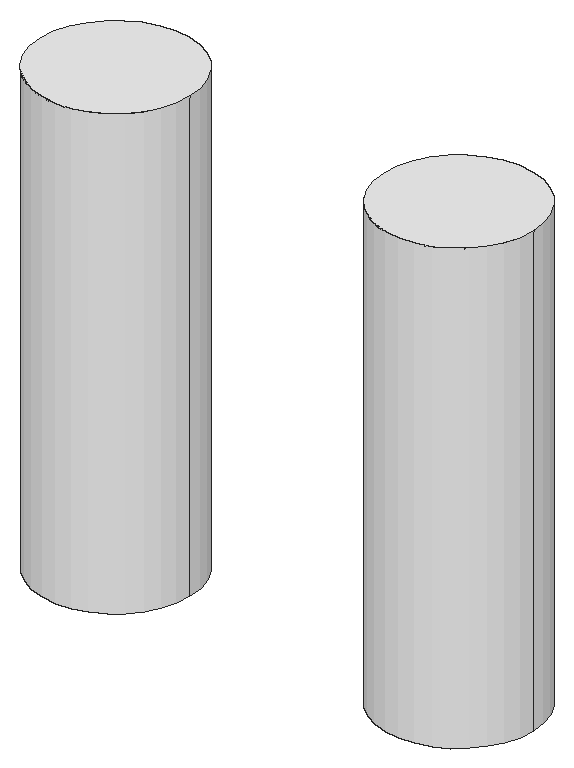
Revit family "514822930004(2022)", category Plumbing Fixtures, Revit 2020
Family settings
  Round Connector Dimension = Use Diameter
  Part Type = Normal
  OmniClass Number = 23.45.55.00
  OmniClass Title = Sanitary Faucets, Wastes
  Work Plane-Based = No
  Always vertical = Yes
  Cut with Voids When Loaded = No
  Shared = No
  Room Calculation Point = No
Parameters (values of type "514822930004 Kitchen faucet")
  Working Pressure = "50 - 1000 kPa"
  WarrantyStartDate [instance] = "n/a"
  WarrantyGuarantorParts = "n/a"
  WarrantyGuarantorLabor = "n/a"
  WarrantyDurationUnit = "Year"
  WarrantyDurationParts = "n/a"
  WarrantyDurationLabor = "n/a"
  WarrantyDescription = "http://warranty.hansa.com"
  Warranty Information URL = "http://warranty.hansa.com"
  VersionDate = "01/06/2023"
  Version = "1"
  ValvePattern = "n/a"
  ValveOperation = "n/a"
  ValveMechanism = "n/a"
  Uniclass2015Reference = "Pr_40_20_87_96"
  Uniclass2015Description = "Washbasin manual water supply sets"
  Uniclass2 = "Pr_40_30_96_96"
  URL UWL = "http://static.hansa.com/UWL/5148229300046"
  URL REACH = "http://static.hansa.com/doc/reach"
  URL Materials Declaration = "http://www.hansa.com/fileadmin/resources/185610_5148229300046_materialsdeclaration.pdf"
  URL Environmental Product Declaration EPD = "http://www.hansa.com/fileadmin/resources/184519_EPD_Kitchen faucet.pdf"
  URL EcoLabel Declaration = "http://static.hansa.com/doc/EcoLabel"
  URL EU Packaging Declaration = "http://static.hansa.com/doc/packaging"
  URL Declaration of SCIP = "http://static.hansa.com/doc/SCIP"
  URL Declaration of Conformity = "http://static.hansa.com/DoC/5148229300046"
  URL Declaration of Asbestos = "http://static.hansa.com/doc/asbestos"
  URL Declaration Of Performance (DOP) = "http://static.hansa.com/doc/DoP"
  URL = ""
  UNSPSC Class Number = "30181700 Faucets or taps"
  TestPressure = "n/a"
  Temperature Adjustments = "Limitation option for maximum temperature and flow-rate ;Adjustable hot water stop (included, retrofittable);Energy saving variation - cold water in the middle position"
  Temperature = "Temperature limiter"
  Technical DataSheet URL = "http://www.hansa.com/datasheet/514822930004/en"
  TagNumber [instance] = "n/a"
  SustainabilityPerformance = "n/a"
  Surface treatment = "Chrome"
  Spout Type = "Swivel spout"
  Spout Swivel Range = "120° (80° / 40°)"
  Spout Projection = "215 mm"
  Size = "51x255x168 mm"
  Shape = "Sculptured"
  SerialNumber [instance] = "n/a"
  Sales Package dimensions (LxWxH) = "362 x 278 x 63"
  Revision = "n/a"
  ReplacementCost = "n/a"
  ProductInformation = "Kitchen faucet with swivel spout and aerator"
  Product URL = "http://static.hansa.com/514822930004"
  Product Image URL = "http://static.hansa.com/image/514822930004"
  Product Family = "HANSAPOLO Eco"
  Product Code = "514822930004"
  OperatingMechanismMaterial = "n/a"
  NominalWidth = 51 mm
  NominalHeight = 168 mm
  NominalDepth = 255 mm
  Noise Class = "I (ISO 3822)"
  Name_en = "514822930004 Kitchen faucet"
  Name = "514822930004 Kitchen faucet"
  NBSReference = "45-35-70/371"
  NBSDescription = "Water supply fittings for wash basins and troughs"
  Mounting Holes = "1 hole"
  ModelReference = "514822930004"
  ModelNumber = "n/a"
  Model = "514822930004 Kitchen faucet"
  Mobile Product Information URL = "http://mpi.hansa.com/514822930004"
  Mechanical Parts = "ø 35 mm ceramic eco cartridge for flow and temperature control"
  Max. Hot Water Supply = 70 °C
  Material = "Brass"
  Market = "International;Germany;Austria;Belgium;Netherlands;Czech Republic;Slovakia;Italy"
  ManufacturerURL = "http://www.hansa.com"
  ManufacturerName = "HANSA"
  Manufacturer = "HANSA"
  Lever Handle = "Single operating lever/handle;Hot/Cold symbols"
  Interactive AR View URL = "https://static.hansa.com/AR/514822930004"
  InstallationDate [instance] = "n/a"
  Installation and Maintenance Guide URL = "http://static.hansa.com/manual/514822930004"
  Installation Type = "Deck mounted"
  InletConnectionSize = 10 mm
  IfcExportType = "FAUCET"  # constant formula
  IfcExportAs = "IfcValveType"  # constant formula
  Group = "Kitchen faucet"
  Grade = "n/a"
  FlowCoefficient = 0
  Flow Rate At 300kPa With Flow Controller = 0.06 L/s
  Flow Rate At 300kPa = 0.06 L/s
  Flow Drawing URL = "http://static.hansa.com/flowchart/514822930004"
  Finish = "Polished"
  Features = "Single-lever;"
  FaucetMainMaterial = Brass
  FDV Document URL = "http://www.hansa.com/datasheet/514822930004/en/fdv"
  ExpectedLife = "n/a"
  ETIM Class Number = "EC011431 Kitchen mixing tap"
  EN Standard = "EN 817"
  EAN Number = "4057304018404"
  DurationUnit = "Year"
  Dimension Drawing URL = "http://static.hansa.com/dimdrw/514822930004"
  Description = "Kitchen faucet with swivel spout and aerator"
  DefaultElevation [instance] = 900 mm
  Default Elevation = 0 mm
  Constituents = "Single lever, swivel spout, aerator, temperature limiter"
  Connection Size = "G3/8"
  Connection = "Flexible inlet pipes"
  Color = "Chrome"
  CodePerformance = "n/a"
  CloseOffRating = 0
  Catalog Drawing URL = "http://static.hansa.com/catdrw/514822930004"
  CO2 Emissions (D) = -5.57
  CO2 Emissions (C4) = 0.3
  CO2 Emissions (C3) = 0.02
  CO2 Emissions (C2) = 0.01
  CO2 Emissions (B7) = 1323.84
  CO2 Emissions (A4) = 0.2
  CO2 Emissions (A1-A3) = 9.85
  Brand = "HANSA"
  BodyMaterial = "Brass"
  Barcode [instance] = "n/a"
  Backflow Prevention EN1717 = "AA"
  BIMObjectName = "514822930004(2022)"
  Author = "BIMStone"
  AssetType = "Fixed"
  AssetIdentifier [instance] = "n/a"
  Aerator = "Standard aerator"
  Advanced Features = "Inner body made of DZR brass"
  AccessibilityPerformance = "n/a"
  3D View = "https://static.hansa.com/AR/514822930004"
  2D/3D/BIM Files URL = "http://static.hansa.com/bim/514822930004"
Reference planes
  plane 1 "Center (Front/Back)": y = 0
  plane 2: z = 0
  plane 3 "Center (Left/Right)": x = 0
  plane 4: x = -25.5
  plane 5: z = 1068
  plane 6: z = 900
  plane 7: z = 870
  plane 8: y = -255
  plane 9: x = 25.5
Forms (mm)
  Extrusion 1, solid, material "Brass" <- "FaucetMainMaterial"
    sketch origin (0, 0, 0) x (1, 0, 0) y (0, 1, 0)
      loop
        circle (-11.5, -22.5) r 5
      loop
        circle (11.5, -22.5) r 5
    from 870 to 900
Dimensions and locks
  "NominalHeight": plane 5 to plane 6
  "DefaultElevation": plane 6 to level
  locked: plane 6 to plane 7 at 30
  "NominalDepth": plane 8 to plane 1 "Center (Front/Back)"
  equal spacing: plane 4, plane 3 "Center (Left/Right)", plane 9
  "NominalWidth": plane 4 to plane 9
  "InletConnectionSize": diameter of Extrusion 1 sketch curve  (x2)
  aligned and locked: level to plane 2
  aligned and locked: plane 6 to Extrusion 1
  aligned and locked: Extrusion 1 to plane 7
  aligned and locked: plane 3 "Center (Left/Right)" to nested 2
  aligned and locked: plane 1 "Center (Front/Back)" to nested 2
  aligned and locked: plane 6 to nested 2
Automatic sketch dimensions
  Extrusion 1 sketch curve to plane 3 "Center (Left/Right)" = 11.5 mm
  plane 3 "Center (Left/Right)" to Extrusion 1 sketch curve = 11.5 mm
  plane 1 "Center (Front/Back)" to Extrusion 1 sketch curve = 22.5 mm  (x2)
Nested families
  nested 1: "Symbol" at (0, 0, 0), type "Symbol", detail levels coarse
  nested 2: "514822930004(2022)_p" at (0, 0, 900), Material <- "FaucetMainMaterial", type "514822930004(2022)_p"
    with Material Brass
Connectors
  piping at (-11.5, -22.5, 870), diameter 10, driven by "InletConnectionSize"
    settings: on Extrusion 1, index 1, connector inside diameter 609.6 mm, connector length 0 mm, flow factor 0, pipe flow 0.0 L/s, pressure drop 0.0 Pa, fitting loss kfactor 0, connector angle 0.00°, fixture units 0, engagement length 0 mm, angle of deflection 0.00°, flow configuration 1, flow direction 1, fitting loss method 0, system type 19, joint type 0, gender type 0, connector reference index -1, connector utility 0, adjustable connector no, is connector primary yes, connector description ""
  piping at (11.5, -22.5, 870), diameter 10, driven by "InletConnectionSize"
    settings: on Extrusion 1, index 2, connector inside diameter 609.6 mm, connector length 0 mm, flow factor 0, pipe flow 0.0 L/s, pressure drop 0.0 Pa, fitting loss kfactor 0, connector angle 0.00°, fixture units 0, engagement length 0 mm, angle of deflection 0.00°, flow configuration 1, flow direction 1, fitting loss method 0, system type 20, joint type 0, gender type 0, connector reference index -1, connector utility 0, adjustable connector no, is connector primary no, connector description ""
Definition of nested family "Symbol"
  Reference planes
    plane 1: y = 0
    plane 2: x = 0
  Lines and regions (mm)
    detail lines
      curve 1: line (0, 0, 0) -> (0, -1.8, 0)
      curve 2: line (-0.4, -1.1, 0) -> (0.4, -1.1, 0)
      curve 3: line (-0.4, -1.4, 0) -> (0.4, -1.4, 0)
      curve 4: line (0.863, 0, 0) -> (-0.863, 0, 0)
      curve 5: circle (-1.163, 0, 0) r 0.3 normal (0, 0, -1)
      curve 6: circle (1.163, 0, 0) r 0.3 normal (0, 0, 1)
Definition of nested family "514822930004(2022)_p"
  Parameters (values of type "514822930004(2022)_p")
    Material [instance] = none
    Default Elevation = 0 mm
  Reference planes
    plane 1 "Center (Front/Back)": y = 0
    plane 2: z = 0
    plane 3 "Center (Left/Right)": x = 0
    plane 4: x = -25.5
    plane 5: z = 168
    plane 6: z = 0
    plane 7: y = -255
    plane 8: x = 25.5
  Forms (mm)
    Extrusion 1, solid, material <- "Material", detail levels medium
      sketch origin (0, 0, -900) x (0, 1, 0) y (0, 0, 1)
        loop
          line (0, 900) -> (0, 1058.08) -> (-61.322, 1065.36) -> (-111.697, 1068)
          arc (-111.697, 1068) -> (-112.791, 1067.626) -> (-113.167, 1066.532) r 1.316
          line (-113.167, 1066.532) -> (-112.909, 1064.448)
          arc (-112.909, 1064.448) -> (-111.629, 1061.855) -> (-109.013, 1060.622) r 4.388
          line (-109.013, 1060.622) -> (-51, 1054.525) -> (-51, 993.034)
          arc (-51, 993.034) -> (-52.761, 993.574) -> (-54.465, 994.275) r 19.937
          line (-54.465, 994.275) -> (-135.431, 1032.03)
          arc (-135.431, 1032.03) -> (-162.315, 1042.283) -> (-190.393, 1048.572) r 200
          line (-190.393, 1048.572) -> (-248.818, 1057.304)
          arc (-248.818, 1057.304) -> (-251.086, 1056.882) -> (-252.314, 1054.93) r 2.875
          line (-252.314, 1054.93) -> (-255, 1037.009) -> (-252.234, 1036.594) -> (-252.899, 1032.154) -> (-229.163, 1028.596) -> (-228.347, 1034.037) -> (-193.277, 1028.781)
          arc (-193.277, 1028.781) -> (-168.045, 1023.121) -> (-143.883, 1013.904) r 180
          line (-143.883, 1013.904) -> (-51, 970.592) -> (-51, 900) -> (0, 900)
      from 25.5 to -25.5
    Extrusion 2, solid, detail levels coarse
      sketch origin (0, 0, -900) x (1, 0, 0) y (0, 1, 0)
        loop
          line (-25.5, 0) -> (-25.5, -255) -> (25.5, -255) -> (25.5, 0) -> (-25.5, 0)
      from 900 to 1068
  Lines and regions (mm)
    symbolic lines, detail levels medium+fine
      curve 1: line (0, 0, 0) -> (0, -51, 0)
      curve 2: line (0, -51, 0) -> (0, -51, 47.5)
      curve 3: line (0, -50.702, 70.453) -> (0, -143.883, 113.904)
      curve 4: arc (0, -143.883, 113.904) -> (0, -168.045, 123.121) -> (0, -193.277, 128.781) r 180
      curve 5: line (0, -193.277, 128.781) -> (0, -225.171, 133.561)
      curve 6: line (0, -229.163, 128.596) -> (0, -228.497, 133.037)
      curve 7: line (0, -252.234, 136.594) -> (0, -252.899, 132.154)
      curve 8: line (0, -252.899, 132.154) -> (0, -229.163, 128.596)
      curve 10: line (0, -225.321, 132.561) -> (0, -225.171, 133.561)
      curve 11: line (0, -252.234, 136.594) -> (0, -255, 137.009)
      curve 12: line (0, -255, 137.009) -> (0, -252.314, 154.93)
      curve 13: arc (0, -252.314, 154.93) -> (0, -251.086, 156.882) -> (0, -248.818, 157.304) r 2.875
      curve 14: line (0, -248.818, 157.304) -> (0, -190.393, 148.572)
      curve 15: arc (0, -190.393, 148.572) -> (0, -162.315, 142.283) -> (0, -135.431, 132.03) r 200
      curve 16: line (0, -135.431, 132.03) -> (0, -54.465, 94.275)
      curve 17: arc (0, -54.465, 94.275) -> (0, -52.475, 93.474) -> (0, -50.41, 92.892) r 19.937
      curve 18: line (0, -50.007, 123.96) -> (0, -50.41, 92.892)
      curve 19: line (0, -50.702, 70.453) -> (0, -51, 47.5)
      curve 20: line (0, 0, 0) -> (0, 0, 47.5)
      curve 21: line (0, -0.993, 123.96) -> (0, 0, 47.5)
      curve 23: line (0, -228.497, 133.037) -> (0, -225.321, 132.561)
      curve 24: line (0, -0.993, 123.96) -> (0, -2.721, 123.96)
      curve 25: line (0, -49.846, 126.8) -> (0, -48.006, 126.8)
      curve 27: line (0, -48.304, 123.96) -> (0, -48.006, 126.8)
      curve 28: arc (0, -6.504, 135.604) -> (0, -3.769, 130.056) -> (0, -2.721, 123.96) r 21.584
      curve 29: line (0, -49.846, 126.8) -> (0, -48.267, 149.382)
      curve 30: arc (0, -48.267, 149.382) -> (0, -49.483, 153.016) -> (0, -52.912, 154.725) r 5.006
      curve 31: line (0, -52.912, 154.725) -> (0, -109.013, 160.622)
      curve 32: arc (0, -109.013, 160.622) -> (0, -111.629, 161.855) -> (0, -112.909, 164.448) r 4.388
      curve 33: line (0, -112.909, 164.448) -> (0, -113.167, 166.532)
      curve 34: arc (0, -113.167, 166.532) -> (0, -112.791, 167.626) -> (0, -111.697, 168) r 1.316
      curve 35: line (0, -111.697, 168) -> (0, -61.322, 165.36)
      curve 36: line (0, -61.322, 165.36) -> (0, -4.446, 158.607)
      curve 37: arc (0, -4.446, 158.607) -> (0, -3.316, 157.974) -> (0, -2.965, 156.728) r 1.691
      curve 38: line (0, -2.965, 156.728) -> (0, -1.647, 137.869)
      curve 39: line (0, -6.504, 135.604) -> (0, -1.647, 137.869)
      curve 41: line (0, -48.304, 123.96) -> (0, -50.007, 123.96)
      curve 43: line (25.5, 0, 0) -> (-25.5, 0, 0)
      curve 44: line (-25.5, 0, 0) -> (-25.5, 0, 47.56)
      curve 45: line (-25.5, 0, 47.56) -> (-24.495, 0, 123.96)
      curve 46: line (-24.362, 0, 126.797) -> (-22.506, 0, 126.797)
      curve 47: line (-24.495, 0, 123.96) -> (-22.754, 0, 123.96)
      curve 48: line (-24.362, 0, 126.797) -> (-21.794, 0, 158.814)
      curve 49: arc (-21.794, 0, 158.814) -> (-21.406, 0, 159.899) -> (-20.524, 0, 160.641) r 2.211
      curve 50: arc (-20.524, 0, 160.641) -> (-18.448, 0, 161.525) -> (-16.319, 0, 162.269) r 33.994
      curve 51: arc (-16.319, 0, 162.269) -> (-15.779, 0, 162.579) -> (-15.419, 0, 163.089) r 1.442
      curve 52: arc (-15.419, 0, 163.089) -> (-13.815, 0, 165.638) -> (-11.468, 0, 167.527) r 9.139
      curve 53: arc (-11.468, 0, 167.527) -> (-10.657, 0, 167.864) -> (-9.789, 0, 168) r 3.707
      curve 54: line (-9.789, 0, 168) -> (0, 0, 168)
      curve 55: line (-22.506, 0, 126.797) -> (-22.754, 0, 123.96)
      curve 59: line (25.5, 0, 0) -> (25.5, 0, 47.56)
      curve 60: line (25.5, 0, 47.56) -> (24.495, 0, 123.96)
      curve 61: line (24.362, 0, 126.797) -> (22.506, 0, 126.797)
      curve 62: line (24.495, 0, 123.96) -> (22.754, 0, 123.96)
      curve 63: line (24.362, 0, 126.797) -> (21.794, 0, 158.814)
      curve 64: arc (21.794, 0, 158.814) -> (21.406, 0, 159.899) -> (20.524, 0, 160.641) r 2.211
      curve 65: arc (20.524, 0, 160.641) -> (18.448, 0, 161.525) -> (16.319, 0, 162.269) r 33.994
      curve 66: arc (16.319, 0, 162.269) -> (15.779, 0, 162.579) -> (15.419, 0, 163.089) r 1.442
      curve 67: arc (15.419, 0, 163.089) -> (13.815, 0, 165.638) -> (11.468, 0, 167.527) r 9.139
      curve 68: arc (11.468, 0, 167.527) -> (10.657, 0, 167.864) -> (9.789, 0, 168) r 3.707
      curve 69: line (9.789, 0, 168) -> (0, 0, 168)
      curve 70: line (22.506, 0, 126.797) -> (22.754, 0, 123.96)
      curve 83: line (-15, -239.534, 0) -> (-15, -59.645, 0)
      curve 84: line (15, -239.534, 0) -> (15, -59.645, 0)
      curve 85: spline (-15, -239.534, 0) -> (-14.489, -243.537, 0) -> (-12.99, -247.267, 0) -> (-10.607, -250.47, 0) -> (-7.5, -252.928, 0) -> (-3.882, -254.473, 0) -> (0, -255, 0) -> (3.882, -254.473, 0) -> (7.5, -252.928, 0) -> (10.607, -250.47, 0) -> (12.99, -247.267, 0) -> (14.489, -243.537, 0) -> (15, -239.534, 0)
      curve 91: arc (-15.824, -46.935, 0) -> (-15.892, -46.144, 0) -> (-15.994, -45.357, 0) r 18.815
      curve 95: arc (15.832, -46.938, 0) -> (15.9, -46.152, 0) -> (16.001, -45.369, 0) r 18.811
      curve 96: line (-15, -59.645, 0) -> (-15.824, -46.935, 0)
      curve 97: line (15, -59.645, 0) -> (15.832, -46.938, 0)
      curve 98: arc (16.001, -45.369, 0) -> (0.021, -0.018, 0) -> (-15.994, -45.357, 0) r 25.494
    symbolic lines, detail levels fine
      curve 9: line (0, -252.234, 136.594) -> (0, -228.497, 133.037)
      curve 22: line (0, 0, 47.5) -> (0, -51, 47.5)
      curve 26: line (0, -25.383, 126.8) -> (0, -6.504, 135.604)
      curve 40: line (0, -48.006, 126.8) -> (0, -25.383, 126.8)
      curve 42: line (0, -2.721, 123.96) -> (0, -48.304, 123.96)
      curve 56: line (-15, 0, 70.474) -> (-15, 0, 154.085)
      curve 57: line (-22.506, 0, 126.797) -> (-15, 0, 126.797)
      curve 58: line (-22.754, 0, 123.96) -> (-15, 0, 123.96)
      curve 71: line (22.506, 0, 126.797) -> (15, 0, 126.797)
      curve 72: line (22.754, 0, 123.96) -> (15, 0, 123.96)
      curve 73: line (-25.5, 0, 47.56) -> (25.5, 0, 47.56)
      curve 74: spline (-15, 0, 154.085) -> (-14.489, 0, 154.949) -> (-12.99, 0, 155.755) -> (-10.607, 0, 156.447) -> (-7.5, 0, 156.978) -> (-3.882, 0, 157.312) -> (0, 0, 157.426) -> (3.882, 0, 157.312) -> (7.5, 0, 156.978) -> (10.607, 0, 156.447) -> (12.99, 0, 155.755) -> (14.489, 0, 154.949) -> (15, 0, 154.085)
      curve 75: arc (-13.012, 0, 68.978) -> (-14.379, 0, 69.231) -> (-15, 0, 70.474) r 1.557
      curve 76: arc (13.012, 0, 68.978) -> (14.379, 0, 69.231) -> (15, 0, 70.474) r 1.557
      curve 77: arc (-13.012, 0, 68.978) -> (0, 0, 70.816) -> (13.012, 0, 68.978) r 47.003
      curve 78: spline (11.961, 0, 130.3) -> (11.554, 0, 129.845) -> (10.359, 0, 129.421) -> (8.458, 0, 129.058) -> (5.981, 0, 128.778) -> (3.096, 0, 128.603) -> (0, 0, 128.543) -> (-3.096, 0, 128.603) -> (-5.981, 0, 128.778) -> (-8.458, 0, 129.058) -> (-10.359, 0, 129.421) -> (-11.554, 0, 129.845) -> (-11.961, 0, 130.3) -> (-11.554, 0, 130.754) -> (-10.359, 0, 131.178) -> (-8.458, 0, 131.542) -> (-5.981, 0, 131.821) -> (-3.096, 0, 131.997) -> (0, 0, 132.056) -> (3.096, 0, 131.997) -> (5.981, 0, 131.821) -> (8.458, 0, 131.542) -> (10.359, 0, 131.178) -> (11.554, 0, 130.754) -> (11.961, 0, 130.3)
      curve 79: spline (-11.961, 0, 134.779) -> (-11.554, 0, 135.234) -> (-10.359, 0, 135.658) -> (-8.458, 0, 136.021) -> (-5.981, 0, 136.301) -> (-3.096, 0, 136.476) -> (0, 0, 136.536) -> (3.096, 0, 136.476) -> (5.981, 0, 136.301) -> (8.458, 0, 136.021) -> (10.359, 0, 135.658) -> (11.554, 0, 135.234) -> (11.961, 0, 134.779)
      curve 80: line (-11.961, 0, 130.3) -> (-11.961, 0, 134.779)
      curve 81: line (11.961, 0, 134.779) -> (11.961, 0, 130.3)
      curve 82: spline (11.961, 0, 133.769) -> (14.424, 0, 134.526) -> (14.937, 0, 135.369) -> (13.431, 0, 136.183) -> (10.109, 0, 136.859) -> (5.421, 0, 137.304) -> (0, 0, 137.46) -> (-5.421, 0, 137.304) -> (-10.109, 0, 136.859) -> (-13.431, 0, 136.183) -> (-14.937, 0, 135.369) -> (-14.424, 0, 134.526) -> (-11.961, 0, 133.769)
      curve 86: spline (-15, -239.534, 0) -> (-14.489, -242.782, 0) -> (-12.99, -245.808, 0) -> (-10.607, -248.407, 0) -> (-7.5, -250.401, 0) -> (-3.882, -251.655, 0) -> (0, -252.082, 0) -> (3.882, -251.655, 0) -> (7.5, -250.401, 0) -> (10.607, -248.407, 0) -> (12.99, -245.808, 0) -> (14.489, -242.782, 0) -> (15, -239.534, 0)
      curve 87: arc (19.099, -37.489, 0) -> (0, -2.95, 0) -> (-19.099, -37.489, 0) r 22.55
      curve 88: line (0, -113.165, 0) -> (-6.461, -113.165, 0)
      curve 89: arc (-6.461, -113.165, 0) -> (-10.086, -111.77, 0) -> (-11.84, -108.304, 0) r 5.407
      curve 90: line (-11.84, -108.304, 0) -> (-15, -59.645, 0)
      curve 92: line (0, -113.165, 0) -> (6.461, -113.165, 0)
      curve 93: arc (6.461, -113.165, 0) -> (10.086, -111.77, 0) -> (11.84, -108.304, 0) r 5.407
      curve 94: line (11.84, -108.304, 0) -> (15, -59.645, 0)
      curve 99: arc (-19.099, -37.489, 0) -> (-17.182, -41.279, 0) -> (-15.994, -45.357, 0) r 23.03
      curve 100: arc (19.099, -37.489, 0) -> (17.182, -41.279, 0) -> (15.994, -45.357, 0) r 23.03
      curve 101: line (15, 0, 70.474) -> (15, 0, 154.085)
      curve 102: line (-15.779, 0, 162.579) -> (-15.779, 0, 158.287)
      curve 103: arc (-15.779, 0, 158.287) -> (-15.347, 0, 156.539) -> (-14.151, 0, 155.193) r 3.756
      curve 104: line (15.779, 0, 162.579) -> (15.779, 0, 158.287)
      curve 105: arc (15.779, 0, 158.287) -> (15.347, 0, 156.539) -> (14.151, 0, 155.193) r 3.756
  Dimensions and locks
    aligned and locked: level to plane 2
    aligned and locked: plane 6 to import instance
    aligned and locked: plane 5 to Extrusion 2
    aligned and locked: Extrusion 2 to plane 6
